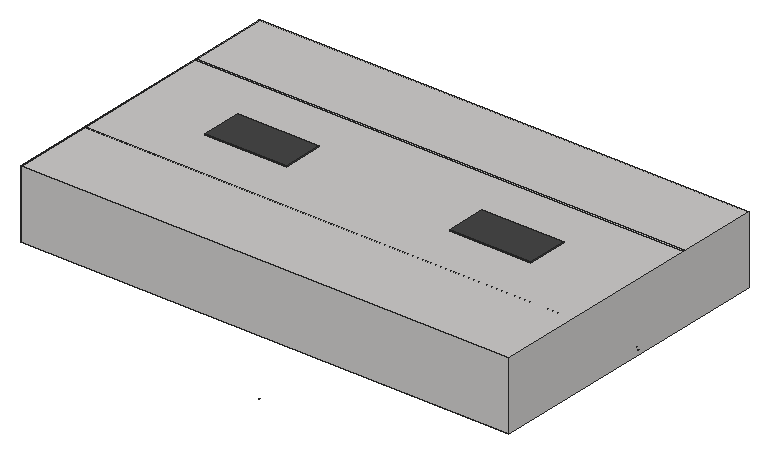
Revit family "QF_ELECTROLUXPROFESSIONAL_642046_EC2236T", category Specialty Equipment, Revit 2014
Reference planes
  plane 1: z = 0
  plane 2 "Center (Left/Right)": x = 150
  plane 3 "LEFT": x = -1650
  plane 4 "RIGHT": x = 1950
  plane 5 "BACK": y = 550
  plane 6 "TOP": z = 2500
  plane 7 "Base": z = 2000
  plane 8: z = 1946
  plane 9: x = -1647
  plane 10 "DrainX": x = 1799
  plane 11 "AOLeft2": x = -450
  plane 12 "AORight1": x = 750
  plane 13: x = 1947
  plane 14: x = -1450
  plane 15: x = 1750
  plane 16: x = 50
  plane 17: x = 250
  plane 18 "AOLeft1": x = -1050
  plane 19 "AORight2": x = 1350
  plane 20: y = -400
  plane 21: through (0, -127.846, 2402.468) normal (0, -0.753, 0.6581)
  plane 22: through (0, -972.152, 2402.468) normal (0, -0.753, -0.6581)
  plane 23: y = -700
  plane 24 "Center (Front/Back)": y = -550
  plane 25: y = -1650
Forms (mm)
  Extrusion 1, solid, material "QF_Finishes_Stainless Steel"
    sketch origin (-1650, 0, 360) x (0, 1, 0) y (0, 0, 1)
      loop
        line (550, 1640) -> (550, 2140) -> (-1650, 2140) -> (-1650, 1640) -> (550, 1640)
    from 0 to 3
  Extrusion 2, solid, material "QF_Finishes_Stainless Steel"
    sketch origin (1950, 0, 360) x (0, 1, 0) y (0, 0, 1)
      loop
        line (550, 1640) -> (550, 2140) -> (-1650, 2140) -> (-1650, 1640) -> (550, 1640)
    from 0 to -3
  Extrusion 3, solid, material "QF_Finishes_Stainless Steel"
    sketch origin (150, 0, 360) x (0, 1, 0) y (0, 0, 1)
      loop
        line (-1650, 2140) -> (-1650, 1640) -> (-1640, 1640) -> (-1640, 1640.8) -> (-1649.2, 1640.8) -> (-1649.2, 2139.19) -> (549.2, 2139.19) -> (549.2, 1640.8) -> (540, 1640.8) -> (540, 1640) -> (550, 1640) -> (550, 2140) -> (-1650, 2140)
    from -1800 to 1800
  Extrusion 4, solid, material "QF_Finishes_Black"
    sketch origin (0, 0, 2500) x (0, 1, 0) y (-1, 0, 0)
      loop
        line (-400, 450) -> (-400, 1050) -> (-700, 1050) -> (-700, 450) -> (-400, 450)
    from 5 to 0
  Extrusion 5, solid, material "QF_Finishes_Stainless Steel"
    sketch origin (0, 0, 0) x (1, 0, 0) y (0, 1, 0)
      loop
        line (-1650, 550) -> (-1650, 549) -> (-1649, 549) -> (-1649, 550) -> (-1650, 550)
    from 0 to 1
  Extrusion 6, solid, material "QF_Finishes_Stainless Steel"
    sketch origin (150, -400, 360) x (0, 1, 0) y (0, 0, 1)
      loop
        line (-79.471, 1685.734) -> (-56.882, 1665.992) -> (272.154, 2042.468) -> (249.566, 2062.21) -> (-79.471, 1685.734)
      loop
        line (-572.152, 2042.468) -> (-243.115, 1665.992) -> (-220.526, 1685.734) -> (-549.563, 2062.21) -> (-572.152, 2042.468)
    from -1600 to -1797
  Extrusion 7, solid, material "QF_Finishes_Stainless Steel"
    sketch origin (150, -400, 360) x (0, 1, 0) y (0, 0, 1)
      loop
        line (360.354, 2141.454) -> (357.903, 2143.511) -> (264.331, 2031.996) -> (266.169, 2030.453) -> (357.41, 2139.19) -> (358.454, 2139.19) -> (360.354, 2141.454)
      loop
        line (-560.354, 2022.279) -> (-557.903, 2024.336) -> (-564.331, 2031.996) -> (-566.169, 2030.453) -> (-657.41, 2139.19) -> (-658.454, 2139.19) -> (-560.354, 2022.279)
      loop
        arc (-83.944, 1704.554) -> (-84.545, 1704.706) -> (-85.077, 1704.389) r 0.81
        line (-85.077, 1704.389) -> (-99.535, 1684.991) -> (-116.611, 1687.002) -> (-113.609, 1712.615) -> (-114.407, 1712.708) -> (-117.406, 1687.095)
        arc (-117.406, 1687.095) -> (-117.237, 1686.499) -> (-116.695, 1686.197) r 0.81
        line (-116.695, 1686.197) -> (-99.628, 1684.196)
        arc (-99.628, 1684.196) -> (-99.213, 1684.257) -> (-98.884, 1684.517) r 0.81
        line (-98.884, 1684.517) -> (-84.436, 1703.911) -> (-73.692, 1695.919) -> (-99.855, 1660.79) -> (-200.145, 1660.79) -> (-226.308, 1695.919) -> (-215.564, 1703.911) -> (-201.116, 1684.517)
        arc (-201.116, 1684.517) -> (-200.787, 1684.257) -> (-200.372, 1684.196) r 0.81
        line (-200.372, 1684.196) -> (-183.305, 1686.197)
        arc (-183.305, 1686.197) -> (-182.763, 1686.499) -> (-182.594, 1687.095) r 0.81
        line (-182.594, 1687.095) -> (-185.593, 1712.708) -> (-186.391, 1712.615) -> (-183.389, 1687.002) -> (-200.465, 1684.991) -> (-214.923, 1704.389)
        arc (-214.923, 1704.389) -> (-215.455, 1704.706) -> (-216.056, 1704.554) r 0.81
        line (-216.056, 1704.554) -> (-226.786, 1696.561)
        arc (-226.786, 1696.561) -> (-227.103, 1696.028) -> (-226.951, 1695.427) r 0.81
        line (-226.951, 1695.427) -> (-200.843, 1660.381)
        arc (-200.843, 1660.381) -> (-200.5, 1660.093) -> (-200.063, 1659.99) r 0.972
        line (-200.063, 1659.99) -> (-99.951, 1659.99)
        arc (-99.951, 1659.99) -> (-99.502, 1660.096) -> (-99.149, 1660.393) r 1
        line (-99.149, 1660.393) -> (-73.049, 1695.427)
        arc (-73.049, 1695.427) -> (-72.897, 1696.028) -> (-73.214, 1696.561) r 0.81
        line (-73.214, 1696.561) -> (-83.944, 1704.554)
    from -1797 to 1797
  Extrusion 8, solid, material "QF_Finishes_Stainless Steel"
    sketch origin (150, -400, 360) x (0, 1, 0) y (0, 0, 1)
      loop
        line (272.154, 2042.468) -> (249.566, 2062.21) -> (-79.471, 1685.734) -> (-56.882, 1665.992) -> (272.154, 2042.468)
      loop
        line (-572.154, 2042.468) -> (-243.118, 1665.992) -> (-220.529, 1685.734) -> (-549.566, 2062.21) -> (-572.154, 2042.468)
    from 1797 to 1600
  Extrusion 9, solid, material "QF_Finishes_Stainless Steel"
    sketch origin (150, -400, 360) x (0, 1, 0) y (0, 0, 1)
      loop
        line (272.154, 2042.468) -> (249.566, 2062.21) -> (-79.471, 1685.734) -> (-56.882, 1665.992) -> (272.154, 2042.468)
      loop
        line (-572.154, 2042.468) -> (-243.118, 1665.992) -> (-220.529, 1685.734) -> (-549.566, 2062.21) -> (-572.154, 2042.468)
    from -100 to 100
  Extrusion 10, solid, material "QF_Finished_Chrome"
    sketch origin (150, -400, 360) x (0, 1, 0) y (0, 0, 1)
      loop
        line (249.566, 2062.21) -> (-79.471, 1685.734) -> (-56.882, 1665.992) -> (272.154, 2042.468) -> (249.566, 2062.21)
      loop
        line (-549.566, 2062.21) -> (-572.154, 2042.468) -> (-243.118, 1665.992) -> (-220.529, 1685.734) -> (-549.566, 2062.21)
    from -1600 to -100
  Extrusion 11, solid, material "QF_Finished_Chrome"
    sketch origin (150, -400, 360) x (0, 1, 0) y (0, 0, 1)
      loop
        line (272.154, 2042.468) -> (249.566, 2062.21) -> (-79.471, 1685.734) -> (-56.882, 1665.992) -> (272.154, 2042.468)
      loop
        line (-572.154, 2042.468) -> (-243.118, 1665.992) -> (-220.529, 1685.734) -> (-549.566, 2062.21) -> (-572.154, 2042.468)
    from 100 to 1600
  Sweep 12, solid, material "QF_Finishes_Stainless Steel"
    path origin (0, 0, 0) x (1, 0, 0) y (0, 1, 0)
      loop
        line (1950, 550) -> (-1650, 550) -> (-1650, -1650) -> (1950, -1650) -> (1950, 550)
    profile origin (1950, -550, 0) x (1, 0, 0) y (0, 0, 1)
      loop
        line (-3, 2000) -> (-3, 2000.8) -> (-19, 2000.8) -> (-19, 2010) -> (-20, 2010) -> (-20, 2000) -> (-3, 2000)
  Extrusion 13, solid, material "QF_Finishes_Black"
    sketch origin (0, 0, 2500) x (0, 1, 0) y (-1, 0, 0)
      loop
        line (-400, -1350) -> (-400, -750) -> (-700, -750) -> (-700, -1350) -> (-400, -1350)
    from 5 to 0
  Extrusion 14, solid, material "QF_Finishes_Stainless Steel"
    sketch origin (1799, 0, 0) x (0, 1, 0) y (0, 0, 1)
      loop
        arc (-518.5, 1946) -> (-511.429, 1948.929) -> (-508.5, 1956) r 10
        line (-508.5, 1956) -> (-508.5, 2000.8) -> (-591.5, 2000.8) -> (-591.5, 1956)
        arc (-591.5, 1956) -> (-588.571, 1948.929) -> (-581.5, 1946) r 10
        line (-581.5, 1946) -> (-518.5, 1946)
    from -90 to 90
  Extrusion 15, solid, material "QF_Finishes_Stainless Steel"
    sketch origin (0, -1100, 2000) x (0, 1, 0) y (-1, 0, 0)
      loop
        circle (550, -1799) r 6.35
    from -3.799 to 0
Cuts and joins
  joined: Extrusion 2, Extrusion 3, Sweep 12
Lines and regions (mm)
  symbolic lines, style "SpecialityEquipment", detail levels coarse
    curve 1: line (1950, 550, 2500) -> (-1650, 550, 2500)
    curve 2: line (-1650, 550, 2500) -> (-1650, -1640, 2500)
    curve 3: line (1950, -1650, 2500) -> (1950, 550, 2500)
    curve 4: line (-1650, 550, 0) -> (1950, -1650, 0)
    curve 5: line (1950, 550, 0) -> (-1647, -1650, 0)
  symbolic lines, detail levels coarse
    curve 6: line (-1647, -1650, 0) -> (1950, -1650, 0)
    curve 7: line (-1050, -700, 0) -> (-450, -700, 0)
    curve 8: line (-1050, -400, 0) -> (-1050, -700, 0)
    curve 9: line (-450, -400, 0) -> (-1050, -400, 0)
    curve 10: line (-450, -700, 0) -> (-450, -400, 0)
    curve 11: line (750, -400, 0) -> (750, -700, 0)
    curve 12: line (1350, -400, 0) -> (750, -400, 0)
    curve 13: line (1350, -700, 0) -> (1350, -400, 0)
    curve 14: line (750, -700, 0) -> (1350, -700, 0)
    curve 15: line (-1647, -660.798, 0) -> (1947, -660.798, 0)
Dimensions and locks
  plane 3 "LEFT" to plane 4 "RIGHT" = 3600 mm
  equal spacing: plane 3 "LEFT", plane 2 "Center (Left/Right)", plane 4 "RIGHT"
  plane 3 "LEFT" to plane 9 = 3 mm
  plane 10 "DrainX" to plane 4 "RIGHT" = 151 mm
  plane 13 to plane 4 "RIGHT" = 3 mm
  plane 3 "LEFT" to plane 14 = 200 mm
  plane 15 to plane 4 "RIGHT" = 200 mm
  locked: plane 11 "AOLeft2" to plane 12 "AORight1" at 1200
  equal spacing: plane 11 "AOLeft2", plane 2 "Center (Left/Right)", plane 12 "AORight1"
  locked: plane 7 "Base" to level at 2000
  locked: plane 16 to plane 17 at 200
  equal spacing: plane 16, plane 2 "Center (Left/Right)", plane 17
  plane 18 "AOLeft1" to plane 11 "AOLeft2" = 600 mm
  plane 12 "AORight1" to plane 19 "AORight2" = 600 mm
  plane 7 "Base" to plane 8 = 54 mm
  locked: plane 6 "TOP" to plane 7 "Base" at 500
  plane 5 "BACK" to plane 25 = 2200 mm  (x2)
  equal spacing: plane 5 "BACK", plane 24 "Center (Front/Back)", plane 25
  plane 23 to plane 20 = 300 mm
  equal spacing: plane 23, plane 24 "Center (Front/Back)", plane 20
  aligned and locked: level to plane 1
  aligned and locked: plane 4 "RIGHT" to Extrusion 3
  aligned and locked: Extrusion 3 to plane 3 "LEFT"
  aligned and locked: Extrusion 6 to plane 9
  aligned and locked: plane 14 to Extrusion 6
  aligned and locked: Extrusion 2 to plane 13
  aligned and locked: plane 13 to Extrusion 8
  aligned and locked: plane 15 to Extrusion 8
  aligned and locked: plane 17 to Extrusion 9
  aligned and locked: Extrusion 9 to plane 16
  aligned and locked: plane 16 to Extrusion 10
  aligned and locked: Extrusion 10 to plane 14
  aligned and locked: Extrusion 11 to plane 17
  aligned and locked: Extrusion 11 to plane 15
  aligned and locked: Extrusion 7 to plane 9
  aligned and locked: Extrusion 7 to plane 13
  aligned and locked: Extrusion 4 to plane 18 "AOLeft1"
  aligned and locked: Extrusion 4 to plane 11 "AOLeft2"
  aligned and locked: plane 12 "AORight1" to Extrusion 13
  aligned and locked: plane 19 "AORight2" to Extrusion 13
  aligned and locked: plane 23 to Extrusion 13
  aligned and locked: plane 23 to Extrusion 4
  aligned and locked: plane 20 to Extrusion 13
  aligned and locked: plane 20 to Extrusion 4
  aligned and locked: curve 7 to Extrusion 4
  aligned and locked: curve 8 to Extrusion 4
  aligned and locked: curve 9 to Extrusion 4
  aligned and locked: curve 10 to Extrusion 4
  aligned and locked: curve 11 to Extrusion 13
  aligned and locked: curve 12 to Extrusion 13
  aligned and locked: curve 13 to Extrusion 13
  aligned and locked: curve 14 to Extrusion 13
Automatic sketch dimensions
  Extrusion 1 sketch curve to plane 7 "Base" = 0 mm
  Extrusion 1 sketch curve to plane 5 "BACK" = 0 mm
  Extrusion 1 sketch curve to plane 6 "TOP" = 0 mm
  Extrusion 2 sketch curve to plane 7 "Base" = 0 mm
  Extrusion 2 sketch curve to plane 5 "BACK" = 0 mm
  Extrusion 2 sketch curve to plane 6 "TOP" = 0 mm
  Extrusion 3 sketch curve to plane 6 "TOP" = 0 mm
  Extrusion 3 sketch curve to plane 7 "Base" = 0 mm  (x2)
  Extrusion 3 sketch curve to plane 5 "BACK" = 0 mm
  Extrusion 3 sketch curve to Extrusion 3 sketch curve = 9.2 mm
  plane 7 "Base" to Extrusion 3 sketch curve = 0.8 mm  (x2)
  Extrusion 3 sketch curve to plane 5 "BACK" = 10 mm
  Extrusion 3 sketch curve to plane 5 "BACK" = 0.8 mm
  Extrusion 3 sketch curve to plane 6 "TOP" = 0.81 mm
  Extrusion 4 sketch curve to plane 11 "AOLeft2" = 0 mm
  Extrusion 4 sketch curve to plane 18 "AOLeft1" = 0 mm
  Extrusion 5 sketch curve to plane 3 "LEFT" = 0 mm
  Extrusion 5 sketch curve to plane 5 "BACK" = 0 mm
  plane 3 "LEFT" to Extrusion 5 sketch curve = 1 mm
  Extrusion 5 sketch curve to Extrusion 5 sketch curve = 1 mm
  Sweep 12 sketch curve to plane 3 "LEFT" = 0 mm
  Sweep 12 sketch curve to plane 4 "RIGHT" = 0 mm
  Sweep 12 sketch curve to plane 5 "BACK" = 0 mm
  profile plane to Sweep 12 sketch curve = 20 mm
  Sweep 12 sketch curve to Sweep 12 sketch curve = 1 mm
  profile plane to Sweep 12 sketch curve = 3 mm
  level to Sweep 12 sketch curve = 2000 mm
  Sweep 12 sketch curve to Sweep 12 sketch curve = 0.8 mm
  Sweep 12 sketch curve to Sweep 12 sketch curve = 9.2 mm
  Extrusion 13 sketch curve to plane 11 "AOLeft2" = 1800 mm
  plane 18 "AOLeft1" to Extrusion 13 sketch curve = 1800 mm
  Extrusion 13 sketch curve to Extrusion 13 sketch curve = 300 mm
  Extrusion 3 sketch curve to Extrusion 3 sketch curve = 0.8 mm
  Extrusion 6 sketch curve to plane 21 = 0 mm  (x2)
  Extrusion 6 sketch curve to plane 6 "TOP" = 77.79 mm  (x2)
  plane 7 "Base" to Extrusion 6 sketch curve = 25.992 mm  (x2)
  plane 7 "Base" to Extrusion 6 sketch curve = 45.734 mm
  Extrusion 6 sketch curve to plane 22 = 0 mm
  plane 22 to Extrusion 6 sketch curve = 0 mm
  Extrusion 10 sketch curve to plane 21 = 0 mm  (x2)
  Extrusion 10 sketch curve to plane 6 "TOP" = 77.79 mm  (x2)
  Extrusion 10 sketch curve to Extrusion 10 sketch curve = 22.589 mm
  plane 7 "Base" to Extrusion 10 sketch curve = 25.992 mm  (x2)
  Extrusion 9 sketch curve to plane 21 = 0 mm  (x2)
  Extrusion 9 sketch curve to plane 6 "TOP" = 77.79 mm  (x2)
  Extrusion 9 sketch curve to Extrusion 9 sketch curve = 22.589 mm
  plane 7 "Base" to Extrusion 9 sketch curve = 25.992 mm  (x2)
  Extrusion 11 sketch curve to plane 21 = 0 mm  (x2)
  Extrusion 11 sketch curve to plane 6 "TOP" = 77.79 mm  (x2)
  Extrusion 11 sketch curve to Extrusion 11 sketch curve = 22.589 mm
  plane 7 "Base" to Extrusion 11 sketch curve = 25.992 mm  (x2)
  Extrusion 8 sketch curve to plane 21 = 0 mm  (x2)
  Extrusion 8 sketch curve to plane 6 "TOP" = 77.79 mm  (x2)
  Extrusion 8 sketch curve to Extrusion 8 sketch curve = 22.589 mm
  plane 7 "Base" to Extrusion 8 sketch curve = 25.992 mm  (x2)
  plane 7 "Base" to Extrusion 8 sketch curve = 45.734 mm
  plane 7 "Base" to Extrusion 9 sketch curve = 45.734 mm
  plane 7 "Base" to Extrusion 10 sketch curve = 45.734 mm
  plane 7 "Base" to Extrusion 11 sketch curve = 45.734 mm
  Extrusion 13 sketch curve to plane 20 = 0 mm
  plane 23 to Extrusion 1 sketch curve = 950 mm
  plane 23 to Extrusion 2 sketch curve = 950 mm
  plane 23 to Extrusion 3 sketch curve = 940 mm
  plane 23 to Sweep 12 sketch curve = 950 mm
  plane 23 to Extrusion 4 sketch curve = 0 mm
  Extrusion 4 sketch curve to plane 20 = 0 mm
  plane 23 to Extrusion 6 sketch curve = 249.563 mm
  Extrusion 8 sketch curve to plane 23 = 79.471 mm
  plane 23 to Extrusion 8 sketch curve = 249.566 mm
  Extrusion 9 sketch curve to plane 23 = 79.471 mm
  plane 23 to Extrusion 9 sketch curve = 249.566 mm
  Extrusion 10 sketch curve to plane 23 = 79.471 mm
  plane 23 to Extrusion 10 sketch curve = 249.566 mm
  Extrusion 11 sketch curve to plane 23 = 79.471 mm
  plane 23 to Extrusion 11 sketch curve = 249.566 mm
  Extrusion 15 sketch curve to plane 10 "DrainX" = 0 mm
  Extrusion 15 sketch curve to plane 24 "Center (Front/Back)" = 0 mm
  Extrusion 14 sketch curve to plane 8 = 0 mm
  plane 8 to Extrusion 14 sketch curve = 10 mm
  Extrusion 14 sketch curve to plane 24 "Center (Front/Back)" = 41.5 mm
  plane 24 "Center (Front/Back)" to Extrusion 14 sketch curve = 31.5 mm
  plane 7 "Base" to Extrusion 14 sketch curve = 0.8 mm
  plane 24 "Center (Front/Back)" to Extrusion 14 sketch curve = 41.5 mm
  Extrusion 7 sketch curve to plane 6 "TOP" = 0.81 mm  (x2)
  plane 23 to Extrusion 7 sketch curve = 358.454 mm
  Extrusion 7 sketch curve to Extrusion 7 sketch curve = 1.044 mm  (x2)
  Extrusion 7 sketch curve to plane 6 "TOP" = 109.547 mm  (x2)
  Extrusion 7 sketch curve to Extrusion 7 sketch curve = 91.241 mm
  Extrusion 7 sketch curve to plane 6 "TOP" = 108.004 mm  (x2)
  Extrusion 7 sketch curve to plane 6 "TOP" = 117.721 mm
  Extrusion 7 sketch curve to plane 23 = 73.049 mm
  Extrusion 7 sketch curve to Extrusion 7 sketch curve = 0.166 mm
  Extrusion 7 sketch curve to Extrusion 7 sketch curve = 0.478 mm  (x4)
  Extrusion 7 sketch curve to Extrusion 7 sketch curve = 0.006 mm  (x4)
  Extrusion 7 sketch curve to Extrusion 7 sketch curve = 10.73 mm  (x2)
  Extrusion 7 sketch curve to Extrusion 7 sketch curve = 0.484 mm  (x4)
  Extrusion 7 sketch curve to Extrusion 7 sketch curve = 0.008 mm  (x4)
  Extrusion 7 sketch curve to Extrusion 7 sketch curve = 0.641 mm  (x2)
  Extrusion 7 sketch curve to Extrusion 7 sketch curve = 14.448 mm
  plane 7 "Base" to Extrusion 7 sketch curve = 20.381 mm
  Extrusion 7 sketch curve to Extrusion 7 sketch curve = 0.273 mm
  Extrusion 7 sketch curve to Extrusion 7 sketch curve = 0.65 mm  (x2)
  Extrusion 7 sketch curve to Extrusion 7 sketch curve = 0.001 mm  (x4)
  Extrusion 7 sketch curve to Extrusion 7 sketch curve = 0.093 mm  (x2)
  plane 7 "Base" to Extrusion 7 sketch curve = 20.79 mm
  Extrusion 7 sketch curve to Extrusion 7 sketch curve = 0.698 mm
  Extrusion 7 sketch curve to Extrusion 7 sketch curve = 0.081 mm
  Extrusion 7 sketch curve to Extrusion 7 sketch curve = 28.531 mm
  Extrusion 7 sketch curve to Extrusion 7 sketch curve = 0.799 mm  (x2)
  Extrusion 7 sketch curve to Extrusion 7 sketch curve = 17.067 mm  (x2)
  Extrusion 7 sketch curve to Extrusion 7 sketch curve = 0.01 mm  (x4)
  Extrusion 7 sketch curve to Extrusion 7 sketch curve = 0.094 mm
  Extrusion 7 sketch curve to Extrusion 7 sketch curve = 0.795 mm  (x2)
  plane 24 "Center (Front/Back)" to Extrusion 7 sketch curve = 32.594 mm
  Extrusion 7 sketch curve to Extrusion 7 sketch curve = 0.71 mm
  Extrusion 7 sketch curve to Extrusion 7 sketch curve = 2.998 mm
  Extrusion 7 sketch curve to Extrusion 7 sketch curve = 16.745 mm
  Extrusion 7 sketch curve to Extrusion 7 sketch curve = 0.095 mm
  plane 7 "Base" to Extrusion 7 sketch curve = 20.393 mm
  Extrusion 7 sketch curve to Extrusion 7 sketch curve = 0.707 mm
  Extrusion 7 sketch curve to Extrusion 7 sketch curve = 0.651 mm
  Extrusion 7 sketch curve to Extrusion 7 sketch curve = 14.456 mm
  plane 20 to Extrusion 7 sketch curve = 264.331 mm
  plane 6 "TOP" to Extrusion 7 sketch curve = 3.511 mm
  Extrusion 7 sketch curve to Extrusion 7 sketch curve = 0.8 mm
  Extrusion 7 sketch curve to Extrusion 7 sketch curve = 23.206 mm
  Extrusion 7 sketch curve to Extrusion 7 sketch curve = 23.234 mm
  Extrusion 7 sketch curve to Extrusion 7 sketch curve = 0.321 mm  (x2)
  Extrusion 7 sketch curve to Extrusion 7 sketch curve = 2.001 mm  (x2)
  Extrusion 7 sketch curve to Extrusion 7 sketch curve = 0.804 mm  (x2)
  Extrusion 7 sketch curve to Extrusion 7 sketch curve = 10.911 mm  (x2)
  Extrusion 7 sketch curve to Extrusion 7 sketch curve = 7.993 mm  (x2)
  Extrusion 7 sketch curve to Extrusion 7 sketch curve = 25.613 mm  (x2)
  Extrusion 7 sketch curve to Extrusion 7 sketch curve = 1.839 mm
  curve 4 to plane 3 "LEFT" = 0 mm
  curve 6 to plane 9 = 0 mm
  curve 15 to plane 9 = 0 mm
  curve 15 to plane 13 = 0 mm
  curve 6 to plane 4 "RIGHT" = 0 mm
  curve 5 to plane 4 "RIGHT" = 0 mm
  curve 4 to plane 25 = 0 mm
  curve 4 to plane 5 "BACK" = 0 mm
  curve 5 to plane 5 "BACK" = 0 mm
  curve 15 to plane 23 = 39.202 mm
  curve 3 to plane 4 "RIGHT" = 0 mm
  curve 3 to plane 25 = 0 mm
  curve 2 to plane 3 "LEFT" = 0 mm
  curve 2 to plane 5 "BACK" = 0 mm
  plane 25 to curve 2 = 10 mm
  radius of Extrusion 15 sketch curve = 6.35 mm
Connectors
  hvac at (-750, -550, 2505)
    settings: on Extrusion 4, index 2, duct flow 0.0 L/s, flow factor 0, pres drop 0.0 Pa, loss coef 0, conn angle 0.00°, conn width 300 mm, conn height 600 mm, conn diameter 609.6 mm, duct sys type 3, conn prof type 1, flow config 1, flow direction 2, loss method 0, conn ref index -1, conn util no, is conn primary yes, conn desc "EXHAUST OUTLET"
  hvac at (1050, -550, 2505)
    settings: on Extrusion 13, index 3, duct flow 0.0 L/s, flow factor 0, pres drop 0.0 Pa, loss coef 0, conn angle 0.00°, conn width 300 mm, conn height 600 mm, conn diameter 609.6 mm, duct sys type 3, conn prof type 1, flow config 1, flow direction 2, loss method 0, conn ref index -1, conn util no, is conn primary no, conn desc "EXHAUST OUTLET"
  piping at (1799, -550, 1996.201), diameter 12.7
    settings: on Extrusion 15, index 4, connector inside diameter 609.6 mm, connector length 0 mm, flow factor 0, pipe flow 0.0 L/s, pressure drop 0.0 Pa, fitting loss kfactor 0, connector angle 0.00°, fixture units 0, engagement length 0 mm, angle of deflection 0.00°, flow configuration 1, flow direction 2, fitting loss method 0, system type 16, joint type 0, gender type 0, connector reference index -1, connector utility 0, adjustable connector no, is connector primary yes, connector description "Drain"
